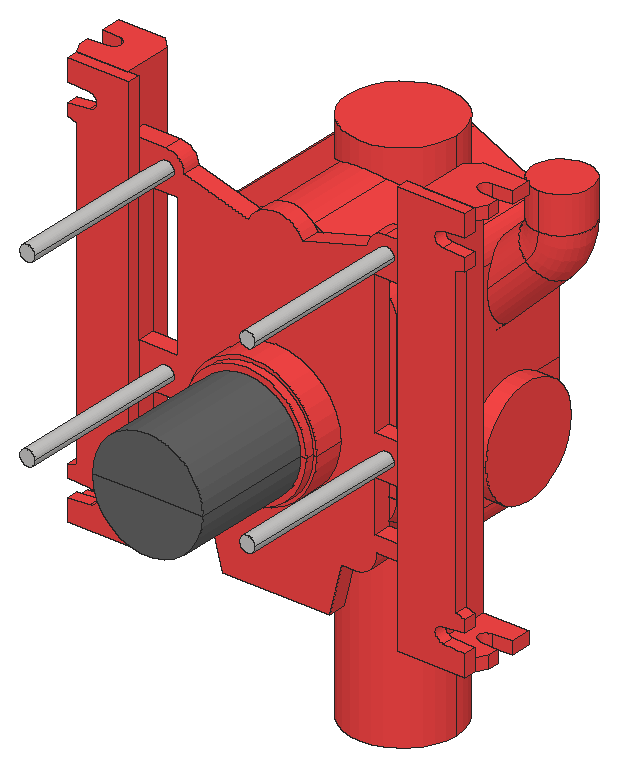
Revit family
Parameters (values of type "Standard Length")
  Vertical Pipe Nominal Radius = 2"
  Vertical Pipe Nominal Diameter = Vertical Pipe Nominal Radius * 2  # 4"
  Vent Nominal Radius = 1"
  Vent Nominal Diameter = Vent Nominal Radius * 2  # 2"
  Vent Flow = 0 GPM
  URL = "http://tylerpipe.com/"
  Type Comments = ""
  Slope Adjustment = yes
  Side Waste Inlet Standard Radius = 2"
  Side Waste Inlet Standard Diameter = Side Waste Inlet Standard Radius * 2  # 4"
  Rough-In Height [instance] = 0' - 6 1/2"
  Plastic Nipple Material = Plastic - Tyler Pipe - Black
  Plastic Nipple Length = 0' - 5"
  Pipe Material = Metal - Tyler Pipe - Cast Iron
  Operating Weight = 115.00 lbf
  Model = "330-NR"
  Manufacturer = "Tyler Pipe"
  Main Out Flush = 0 GPM
  Main In Flow = 0 GPM
  Horizontal Pipe Outer Radius = 2 3/16"
  Flush Flow 1 = 0 GPM
  Description = "Right-Handed Adjustable Vertical No-Hub Carrier"
  CALC_Slope H = 0' - 0"
  CALC_Outlet Length = 0' - 5 1/8"
  CALC_Main Length = -0' - 10 3/8"
  Bracket Material = Metal - Tyler Pipe - Cast Iron
  Bolt Material = Metal - Tyler Pipe - Stainless Steel
  Bolt Length = 0' - 7 9/128"
  Assembly Code = "D2030100"
Reference planes (in)
  plane 1 "Center (Front/Back)": y = 0
  plane 2: z = 0
  plane 3 "Center (Left/Right)": x = 0
  plane 4 "Rough-In": z = 6.5
  plane 5 "Main Fitting Outlet": z = 4.53516
  plane 6 "Top": z = 17
  plane 7 "Support Foot Left": x = -8.375
  plane 8 "Support Foot Right": x = 8.375
  plane 9 "Carrier Faceplate Front": y = -7
  plane 10 "Faceplate Front": y = -6.5
  plane 11: x = -8.125
  plane 12: x = 8.125
  plane 13 "Bolts Left": x = -4.5
  plane 14 "Bolts Right": x = 4.5
  plane 15 "Bolts Front": y = -13.57031
  plane 16 "Main Fitting Inlet": z = 4.53516
  plane 17 "O": x = -1.5
  plane 18 "Outlet": x = 5.125
  plane 19 "Vent": x = 4
  plane 20 "V": z = 11.50528
  plane 21 "Bottom Side Inlet Geometry": z = 2.34777
  plane 22: z = 16.5
  plane 23: z = 0.5
  plane 24: x = -6.49997
  plane 25: x = 6.51229
  plane 26: z = 6.5
  plane 27: z = 6.5
  plane 28 "Bolts Front Back": y = -5.48803
  plane 29 "Side Inlet Front": y = -13.06327
  plane 30: y = -8.06327
  plane 31 "Inlet": x = -5.25
  plane 32 "Vent Height": z = 14.81483
  plane 33 "Back Support": y = 2.5
  plane 34 "Vent Horizontal": x = 6.49997
Forms (in)
  Extrusion 1, solid, material "Metal - Tyler Pipe - Cast Iron" <- "Pipe Material", detail levels medium+fine
    sketch origin (5.125, 0, 4.53516) x (0, -1, 0) y (0, 0, -1)
      loop
        circle (0, 0) r 2.1875
    from 0 to -10.375 <- "CALC_Main Length"
  Extrusion 2, solid, material "Metal - Tyler Pipe - Cast Iron" <- "Bracket Material", detail levels fine
    sketch origin (0, -7, 0) x (-1, 0, 0) y (0, 0, -1)
      loop
        line (8.12501, 0) -> (5.62497, 0) -> (5.62497, -16.99997) -> (8.12501, -16.99997) -> (8.12501, -16.11913) -> (7.22821, -16.05642)
        arc (7.22821, -16.05642) -> (6.91647, -15.74468) -> (7.22821, -15.43294) r 0.31174
        line (7.22821, -15.43294) -> (8.12498, -15.37024) -> (8.12498, -14.86967) -> (7.75, -14.7692) -> (7.75, -2.22548) -> (8.12498, -2.12501) -> (8.12498, -1.62445) -> (7.22821, -1.56174)
        arc (7.22821, -1.56174) -> (6.91647, -1.25) -> (7.22821, -0.93826) r 0.31174
        line (7.22821, -0.93826) -> (8.12501, -0.87555) -> (8.12501, 0)
      loop
        line (-5.37497, -16.99997) -> (-5.37497, 0) -> (-8.12501, 0) -> (-8.12501, -0.87555) -> (-7.22821, -0.93826)
        arc (-7.22821, -0.93826) -> (-6.91647, -1.25) -> (-7.22821, -1.56174) r 0.31174
        line (-7.22821, -1.56174) -> (-8.12498, -1.62445) -> (-8.12498, -2.12501) -> (-7.75, -2.22548) -> (-7.75, -14.7692) -> (-8.12498, -14.86967) -> (-8.12498, -15.37024) -> (-7.22821, -15.43294)
        arc (-7.22821, -15.43294) -> (-6.91647, -15.74468) -> (-7.22821, -16.05642) r 0.31174
        line (-7.22821, -16.05642) -> (-8.12501, -16.11913) -> (-8.12501, -16.99997) -> (-5.37497, -16.99997)
    from 0 to -0.5
  Extrusion 3, solid, material "Metal - Tyler Pipe - Cast Iron" <- "Bracket Material", detail levels fine
    sketch origin (0, 0, 0) x (1, 0, 0) y (0, 1, 0)
      loop
        line (-8.37498, -6.0625) -> (-8.12501, -6.5) -> (-6.06247, -6.5) -> (-6.06247, -4.5) -> (-6.49997, -4.0625) -> (-8.37498, -4.0625) -> (-8.37498, -4.875) -> (-7.59946, -4.93854)
        arc (-7.59946, -4.93854) -> (-7.288, -5.25) -> (-7.59946, -5.56146) r 0.31146
        line (-7.59946, -5.56146) -> (-8.37498, -5.625) -> (-8.37498, -6.0625)
      loop
        line (6.06247, -4.5) -> (6.06247, -6.5) -> (8.12501, -6.5) -> (8.37498, -6.0625) -> (8.37498, -5.625) -> (7.59946, -5.56146)
        arc (7.59946, -5.56146) -> (7.288, -5.25) -> (7.59946, -4.93854) r 0.31146
        line (7.59946, -4.93854) -> (8.37498, -4.875) -> (8.37498, -4.0625) -> (6.49997, -4.0625) -> (6.06247, -4.5)
    from 0 to 17
  Extrusion 4, void
    sketch origin (0, 7, 0) x (-1, 0, 0) y (0, 0, 1)
      loop
        line (9.12254, 16.5) -> (6.49997, 16.5) -> (6.49997, 0.5) -> (9.12254, 0.5) -> (9.12254, 16.5)
      loop
        line (-9.26801, 16.5) -> (-9.26801, 0.5) -> (-6.51229, 0.5) -> (-6.51229, 16.5) -> (-9.26801, 16.5)
    from -13.5 to 0.5
  Extrusion 5, solid, material "Metal - Tyler Pipe - Cast Iron" <- "Bracket Material", detail levels fine
    sketch origin (0, -6.5, 0) x (-1, 0, 0) y (0, 0, -1)
      loop
        line (5.62497, -13.125) -> (5.62497, -7.3125) -> (4.03125, -7.3125) -> (4.03125, -13.125) -> (5.62497, -13.125)
      loop
        line (6.06247, -14.75) -> (6.06247, -2.9375) -> (4.13677, -2.9375)
        arc (4.13677, -2.9375) -> (3.90415, -2.27848) -> (3.26316, -2) r 0.875
        line (3.26316, -2) -> (2.685, -2) -> (2.18492, 0) -> (-2.18492, 0) -> (-2.685, -2) -> (-3.26316, -2)
        arc (-3.26316, -2) -> (-3.90415, -2.27848) -> (-4.13677, -2.9375) r 0.875
        line (-4.13677, -2.9375) -> (-6.06247, -2.9375) -> (-6.06247, -14.75) -> (-4.5, -14.75)
        arc (-4.5, -14.75) -> (-3.98825, -14.54828) -> (-3.75178, -14.05163) r 0.75
        line (-3.75178, -14.05163) -> (-1.11315, -13.31868)
        arc (-1.11315, -13.31868) -> (0, -14) -> (1.11315, -13.31868) r 1.25
        line (1.11315, -13.31868) -> (3.75178, -14.05163)
        arc (3.75178, -14.05163) -> (3.98825, -14.54828) -> (4.5, -14.75) r 0.75
        line (4.5, -14.75) -> (6.06247, -14.75)
      loop
        line (5.62497, -3.5625) -> (4.03125, -3.5625) -> (4.03125, -5.6875) -> (5.62497, -5.6875) -> (5.62497, -3.5625)
      loop
        line (-5.37497, -13.125) -> (-4.03125, -13.125) -> (-4.03125, -7.3125) -> (-5.37497, -7.3125) -> (-5.37497, -13.125)
      loop
        line (-5.37497, -3.5625) -> (-5.37497, -5.6875) -> (-4.03125, -5.6875) -> (-4.03125, -3.5625) -> (-5.37497, -3.5625)
    from 0 to -0.75
  Revolve 6, solid, material "Metal - Tyler Pipe - Cast Iron" <- "Pipe Material", detail levels fine
    sketch origin (0, 0, 6.5) x (-1, 0, 0) y (0, -1, 0)
      loop
        line (0, 6.5) -> (2.64908, 6.5) -> (2.64908, 7.71875) -> (2.5, 7.71875) -> (2.5, 8.06327) -> (0, 8.06327) -> (0, 6.5)
      axis (0, 6.5) -> (0, 8.06327)
    angle from 0 to 360
  Extrusion 7, solid, material "Metal - Tyler Pipe - Stainless Steel" <- "Bolt Material", detail levels fine
    sketch origin (0, -6.5, 0) x (-1, 0, 0) y (0, 0, -1)
      loop
        circle (4.5, -14) r 0.3125
      loop
        circle (4.5, -6.5) r 0.3125
      loop
        circle (-4.5, -14) r 0.3125
      loop
        circle (-4.5, -6.5) r 0.3125
    from 7.07031 to -1.01197
  Revolve 8, solid, material "Plastic - Tyler Pipe - Black" <- "Plastic Nipple Material", detail levels medium+fine
    sketch origin (0, 0, 6.5) x (-1, 0, 0) y (0, -1, 0)
      loop
        line (0, 5.75) -> (0, 13.06327) -> (-2.25, 13.06327) -> (-2.25, 5.75) -> (0, 5.75)
      axis (0, 5.75) -> (0, 13.06327)
    angle from 0 to 360
  Extrusion 9, solid, material "Metal - Tyler Pipe - Cast Iron" <- "Bracket Material", detail levels medium
    sketch origin (0, 0, 4.53516) x (-1, 0, 0) y (0, -1, 0)
      loop
        line (8.375, 7) -> (-8.375, 7) -> (-8.375, 4.0625) -> (8.375, 4.0625) -> (8.375, 7)
    from 12.46484 to -4.53516
  Extrusion 10, solid, material "Metal - Tyler Pipe - Cast Iron" <- "Pipe Material", detail levels fine
    sketch origin (0, -6.5, 0) x (-1, 0, 0) y (0, 0, -1)
      loop
        arc (3.73213, -12.19032) -> (4.18796, -11.78436) -> (4.36056, -11.19888) r 1.11114
        line (4.36056, -11.19888) -> (4.36056, -6.24706) -> (-4.36056, -6.24706) -> (-4.36056, -11.19888)
        arc (-4.36056, -11.19888) -> (-4.18796, -11.78436) -> (-3.73213, -12.19032) r 1.11114
        line (-3.73213, -12.19032) -> (-0.93697, -13.53835)
        arc (-0.93697, -13.53835) -> (0, -13.75248) -> (0.93697, -13.53835) r 2.15697
        line (0.93697, -13.53835) -> (3.73213, -12.19032)
    from -0.75 to -9
  Sweep 11, solid, material "Metal - Tyler Pipe - Cast Iron" <- "Pipe Material", detail levels fine
    path origin (0, 0, 0) x (0, 1, 0) y (0, 0, 1)
      loop
        line (-5.75, 5.24184) -> (-1.92239, 2.87906) -> (1.79739, 2.87906) -> (2.5, 3.31278)
    profile origin (0, -3.83619, 4.06045) x (0, 0.525279, 0.85093) y (1, 0, 0)
      loop
        arc (-0.5, 4.36056) -> (-0.92032, 4.27415) -> (-1.27655, 4.03491) r 1.11114
        arc (-1.27655, 4.03491) -> (-1.8423, 2.75045) -> (-2.41142, 1.46748) r 534.00949
        arc (-2.41142, 1.46748) -> (-2.48755, 1.28006) -> (-2.55113, 1.08801) r 3.0625
        line (-2.55113, 1.08801) -> (-2.55113, -1.08801)
        arc (-2.55113, -1.08801) -> (-2.48755, -1.28006) -> (-2.41142, -1.46748) r 3.0625
        arc (-2.41142, -1.46748) -> (-1.8423, -2.75045) -> (-1.27655, -4.03491) r 534.00949
        arc (-1.27655, -4.03491) -> (-0.92032, -4.27415) -> (-0.5, -4.36056) r 1.11114
        line (-0.5, -4.36056) -> (-0.5, 4.36056)
  Extrusion 12, void
    sketch origin (0, 0, 0) x (0, 1, 0) y (0, 0, 1)
      loop
        line (-5.75, 8.0625) -> (-10, 8.0625) -> (-10, -0.4375) -> (-5.75, -0.4375) -> (-5.75, 8.0625)
      loop
        line (2.5, 8.0625) -> (2.5, -0.4375) -> (5.48803, -0.4375) -> (5.48803, 8.0625) -> (2.5, 8.0625)
    from 4.5 to -4.5
  Extrusion 13, solid, material "Metal - Tyler Pipe - Cast Iron" <- "Pipe Material", detail levels medium+fine
    sketch origin (0, 0, 0) x (0, 1, 0) y (0, 0, 1)
      loop
        line (-5.75, 6.24706) -> (-5.75, 4.65425) -> (-2.06428, 2.37906) -> (1.93928, 2.37906) -> (2.5, 2.72519) -> (2.5, 6.24706) -> (-5.75, 6.24706)
    from 4.36056 to -4.36056
  Extrusion 14, solid, material "Metal - Tyler Pipe - Cast Iron" <- "Pipe Material", detail levels medium+fine
    sketch origin (0, 0, 4.53516) x (-1, 0, 0) y (0, -1, 0)
      loop
        circle (0, 0) r 2.1875
    from 10.1703 to -11.82555
  Extrusion 15, solid, material "Metal - Tyler Pipe - Cast Iron" <- "Bracket Material", detail levels fine
    sketch origin (0, 0, 4.53516) x (-1, 0, 0) y (0, -1, 0)
      loop
        line (1.38386, -2.12456) -> (-1.38386, -2.12456) -> (-0.95031, -3.75) -> (-0.3125, -3.75) -> (-0.2512, -3.125)
        arc (-0.2512, -3.125) -> (0, -2.8738) -> (0.2512, -3.125) r 0.2512
        line (0.2512, -3.125) -> (0.3125, -3.75) -> (0.95031, -3.75) -> (1.38386, -2.12456)
    from 0.25 to -0.25
  Extrusion 16, solid, material "Metal - Tyler Pipe - Cast Iron" <- "Bracket Material", detail levels fine
    sketch origin (0, 0, 0) x (1, 0, 0) y (0, 1, 0)
      loop
        arc (-1.28125, 3.59375) -> (0, 2.3125) -> (1.28125, 3.59375) r 1.28125
        line (1.28125, 3.59375) -> (1.28125, 5.125) -> (0.375, 5.125) -> (0.31146, 4.34948)
        arc (0.31146, 4.34948) -> (0, 4.03802) -> (-0.31146, 4.34948) r 0.31146
        line (-0.31146, 4.34948) -> (-0.375, 5.125) -> (-1.28125, 5.125) -> (-1.28125, 3.59375)
    from 0 to 0.5
  Revolve 17, solid, material "Metal - Tyler Pipe - Stainless Steel" <- "Bolt Material", detail levels fine
    sketch origin (0, 0, 0) x (0, 1, 0) y (0, 0, 1)
      loop
        line (3.17826, 0.5) -> (3.17826, 5.6912) -> (2.9994, 5.6912) -> (2.9994, 0.5) -> (3.17826, 0.5)
      axis (2.9994, 5.6912) -> (2.9994, 0.5)
    angle from 0 to 360
  Sweep 18, solid, material "Metal - Tyler Pipe - Cast Iron" <- "Pipe Material", detail levels medium+fine
    path origin (0, 0, 0) x (-1, 0, 0) y (0, 0, 1)
      loop
        line (-6.4992, 14.70546) -> (-6.4992, 13.19483)
        arc (-6.4992, 13.19483) -> (-6.36339, 12.51204) -> (-5.97662, 11.9332) r 1.78422
        line (-5.97662, 11.9332) -> (-1.02687, 6.98345)
    profile origin (6.4992, 0, 13.95014) x (0, -1, 0) y (1, 0, 0)
      loop
        circle (0, 0) r 1.17578
Cuts and joins
  Extrusion 4 cuts Extrusion 3
  Extrusion 12 cuts Sweep 11
Lines and regions (in)
  reference lines, not visible
    curve 1: line (-5.25, 0, 4.53516) -> (5.125, 0, 4.53516)
  model lines, detail levels coarse
    curve 2: line (0, 0, 6.5) -> (0, -13.06327, 6.5)
    curve 3: line (0, 0, 14.70546) -> (0, 0, -7.2904)
    curve 4: line (6.49997, 0, 14.81483) -> (6.49997, 0, 13.56508)
    curve 5: line (6.49997, 0, 13.56508) -> (0, 0, 11.50528)
    curve 6: line (0, 0, 4.53516) -> (5.125, 0, 4.53516)
Dimensions and locks (in)
  "Rough-In Height": plane 4 "Rough-In" to plane 2
  equal spacing: plane 8 "Support Foot Right", plane 3 "Center (Left/Right)", plane 7 "Support Foot Left"
  locked: plane 6 "Top" to plane 2 at 17
  plane 1 "Center (Front/Back)" to plane 9 "Carrier Faceplate Front" = 0' - 7"
  locked: plane 9 "Carrier Faceplate Front" to plane 10 "Faceplate Front" at 0.5
  locked: plane 11 to plane 7 "Support Foot Left" at 0.25
  locked: plane 12 to plane 8 "Support Foot Right" at 0.25
  plane 15 "Bolts Front" to plane 1 "Center (Front/Back)" = 1' - 1 73/128"
  "Bolt Length": plane 15 "Bolts Front" to plane 10 "Faceplate Front"
  equal spacing: plane 13 "Bolts Left", plane 3 "Center (Left/Right)", plane 14 "Bolts Right"
  locked: plane 13 "Bolts Left" to plane 14 "Bolts Right" at 9
  plane 17 "O" to plane 3 "Center (Left/Right)" = 0' - 1 1/2"
  "CALC_Outlet Length": plane 3 "Center (Left/Right)" to plane 18 "Outlet"
  "CALC_Slope H": plane 16 "Main Fitting Inlet" to plane 5 "Main Fitting Outlet"
  locked: plane 3 "Center (Left/Right)" to plane 19 "Vent" at 4
  locked: plane 16 "Main Fitting Inlet" to plane 21 "Bottom Side Inlet Geometry" at 2.18738
  locked: plane 6 "Top" to plane 22 at 0.5
  locked: plane 23 to level at 0.5
  locked: plane 20 "V" to plane 5 "Main Fitting Outlet" at 6.97012
  locked: Extrusion 5 sketch curve to plane 26 at 8.25  (x2)
  locked: plane 26 to Extrusion 5 sketch curve at 3.5625  (x2)
  locked: Extrusion 5 sketch curve to plane 26 at 6.625  (x2)
  locked: plane 26 to Extrusion 5 sketch curve at 2.9375  (x2)
  locked: plane 26 to Extrusion 5 sketch curve at 6.5
  locked: Extrusion 7 sketch curve to plane 27 at 7.5  (x2)
  locked: Extrusion 5 sketch curve to plane 26 at 0.8125  (x2)
  locked: plane 26 to Extrusion 5 sketch curve at 0.8125  (x2)
  locked: plane 10 "Faceplate Front" to plane 28 "Bolts Front Back" at 1.01197
  locked: plane 30 to plane 9 "Carrier Faceplate Front" at 1.06327
  "Plastic Nipple Length": plane 29 "Side Inlet Front" to plane 30
  locked: plane 9 "Carrier Faceplate Front" to Extrusion 9 sketch curve at 2.9375
  locked: Extrusion 5 sketch curve to plane 26 at 6.25
  locked: plane 26 to Extrusion 5 sketch curve at 3.625  (x2)
  locked: Extrusion 5 sketch curve to plane 26 at 6.81868  (x2)
  locked: Extrusion 10 sketch curve to plane 5 "Main Fitting Outlet" at 1.7119
  locked: Extrusion 10 sketch curve to plane 5 "Main Fitting Outlet" at 6.66372  (x2)
  locked: Extrusion 10 sketch curve to plane 5 "Main Fitting Outlet" at 7.65516  (x2)
  locked: Extrusion 10 sketch curve to plane 5 "Main Fitting Outlet" at 9.00319  (x2)
  locked: plane 16 "Main Fitting Inlet" to level at 4.53516
  locked: Sweep 11 sketch curve to plane 16 "Main Fitting Inlet" at 0.70668
  locked: plane 16 "Main Fitting Inlet" to Sweep 11 sketch curve at 1.6561  (x2)
  plane 16 "Main Fitting Inlet" to Sweep 11 sketch curve = 0' - 1.22238"
  locked: Extrusion 12 sketch curve to plane 16 "Main Fitting Inlet" at 3.52734  (x2)
  locked: Extrusion 12 sketch curve to Extrusion 12 sketch curve at 8.5  (x2)
  locked: Extrusion 14 to Extrusion 14 at 21.99585
  locked: plane 18 "Outlet" to plane 31 "Inlet" at 10.375
  locked: plane 32 "Vent Height" to plane 5 "Main Fitting Outlet" at 10.27967
  locked: plane 10 "Faceplate Front" to plane 33 "Back Support" at 9
  locked: plane 1 "Center (Front/Back)" to Revolve 17 sketch curve at 2.9994
  locked: Revolve 17 sketch curve to plane 16 "Main Fitting Inlet" at 1.15604
  locked: Sweep 18 sketch curve to plane 16 "Main Fitting Inlet" at 2.44829
  locked: Sweep 18 sketch curve to plane 16 "Main Fitting Inlet" at 7.39804
  locked: Sweep 18 sketch curve to plane 16 "Main Fitting Inlet" at 8.65967  (x2)
  locked: Sweep 18 sketch curve to plane 16 "Main Fitting Inlet" at 10.1703
  locked: Sweep 18 sketch curve to plane 34 "Vent Horizontal" at 1.78499
  locked: Extrusion 2 sketch curve to level at 15.74468  (x2)
  locked: Extrusion 2 sketch curve to level at 15.37024  (x2)
  locked: Extrusion 2 sketch curve to level at 16.11913  (x2)
  locked: Extrusion 2 sketch curve to level at 14.86967  (x2)
  locked: Extrusion 2 sketch curve to level at 14.7692  (x2)
  locked: Extrusion 2 sketch curve to level at 1.62445  (x2)
  locked: Extrusion 2 sketch curve to level at 0.87555  (x2)
  locked: Extrusion 2 sketch curve to level at 2.12501  (x2)
  locked: Extrusion 2 sketch curve to level at 2.22548  (x2)
  locked: plane 26 to Extrusion 5 sketch curve at 4.5  (x2)
  "Horizontal Pipe Outer Radius": radius of Extrusion 1 sketch curve
  radius of Extrusion 14 sketch curve = 0' - 2 3/16"
  radius of Sweep 18 sketch curve = 0' - 1 45/256"
  aligned and locked: level to plane 2
  aligned and locked: plane 18 "Outlet" to curve 1
  aligned: curve 1 to Extrusion 1  (x4)
  aligned and locked: Extrusion 2 to plane 10 "Faceplate Front"
  aligned and locked: plane 9 "Carrier Faceplate Front" to Extrusion 2
  aligned and locked: plane 6 "Top" to Extrusion 3
  aligned and locked: Extrusion 3 to level
  aligned and locked: plane 4 "Rough-In" to plane 26
  aligned and locked: Revolve 6 sketch curve to plane 3 "Center (Left/Right)"
  aligned and locked: plane 4 "Rough-In" to plane 27
  aligned and locked: plane 27 to Extrusion 7 sketch curve
  aligned and locked: Extrusion 7 sketch curve to plane 27
  aligned and locked: Extrusion 7 to plane 15 "Bolts Front"
  aligned and locked: plane 28 "Bolts Front Back" to Extrusion 7
  aligned and locked: plane 29 "Side Inlet Front" to Revolve 8 sketch curve
  aligned and locked: Revolve 8 sketch curve to plane 3 "Center (Left/Right)"
  aligned and locked: Revolve 8 sketch curve to Extrusion 5
  aligned and locked: Extrusion 9 sketch curve to plane 8 "Support Foot Right"
  aligned and locked: Extrusion 9 sketch curve to plane 7 "Support Foot Left"
  aligned and locked: plane 9 "Carrier Faceplate Front" to Extrusion 9 sketch curve
  aligned and locked: plane 6 "Top" to Extrusion 9
  aligned and locked: Extrusion 9 to level
  aligned and locked: Extrusion 10 to Extrusion 5
  aligned and locked: Extrusion 13 sketch curve to Extrusion 10
  aligned and locked: plane 3 "Center (Left/Right)" to Extrusion 14 sketch curve
  aligned and locked: plane 1 "Center (Front/Back)" to Extrusion 14 sketch curve
  aligned and locked: plane 29 "Side Inlet Front" to curve 2
  aligned and locked: curve 2 to plane 3 "Center (Left/Right)"
  aligned and locked: Extrusion 14 to curve 3  (x2)
  aligned and locked: curve 3 to plane 3 "Center (Left/Right)"
  aligned and locked: plane 33 "Back Support" to Extrusion 10
  aligned and locked: plane 33 "Back Support" to Sweep 11 sketch curve
  aligned and locked: Extrusion 12 sketch curve to plane 33 "Back Support"
  aligned and locked: Revolve 17 sketch curve to Revolve 17 sketch curve
  aligned and locked: plane 23 to Revolve 17 sketch curve
  aligned and locked: plane 3 "Center (Left/Right)" to curve 5
  aligned and locked: plane 20 "V" to curve 5
  aligned and locked: plane 34 "Vent Horizontal" to curve 4
  aligned and locked: plane 32 "Vent Height" to curve 4
  aligned and locked: plane 16 "Main Fitting Inlet" to curve 1
  aligned and locked: plane 5 "Main Fitting Outlet" to curve 1
  aligned and locked: plane 31 "Inlet" to curve 1
  aligned and locked: plane 18 "Outlet" to curve 6
  aligned and locked: plane 3 "Center (Left/Right)" to curve 6
Automatic sketch dimensions
  Extrusion 1 sketch curve to plane 1 "Center (Front/Back)" = 0' - 0"
  Extrusion 4 sketch curve to plane 23 = 0' - 0"  (x2)
  Extrusion 4 sketch curve to plane 22 = 0' - 0"  (x2)
  Extrusion 4 sketch curve to plane 25 = 0' - 0"
  Extrusion 4 sketch curve to plane 24 = 0' - 0"
  Extrusion 4 sketch curve to plane 8 "Support Foot Right" = 0' - 0.89301"
  Extrusion 4 sketch curve to plane 7 "Support Foot Left" = 0' - 0.74754"
  plane 14 "Bolts Right" to Extrusion 5 sketch curve = 0' - 0"
  Extrusion 5 sketch curve to plane 3 "Center (Left/Right)" = 0' - 0"
  Extrusion 5 sketch curve to plane 13 "Bolts Left" = 0' - 0"
  Extrusion 5 sketch curve to plane 18 "Outlet" = 0' - 0.24997"  (x2)
  Extrusion 5 sketch curve to plane 34 "Vent Horizontal" = 0' - 0 7/16"
  Extrusion 5 sketch curve to plane 19 "Vent" = 0' - 0.13677"
  Extrusion 5 sketch curve to plane 19 "Vent" = 0' - 0 1/32"  (x2)
  plane 19 "Vent" to Extrusion 5 sketch curve = 0' - 0.24822"
  plane 19 "Vent" to Extrusion 5 sketch curve = 0' - 0.736"
  Extrusion 5 sketch curve to Extrusion 5 sketch curve = 0' - 0.57816"  (x2)
  plane 19 "Vent" to Extrusion 5 sketch curve = 0' - 1.81508"
  Extrusion 5 sketch curve to plane 3 "Center (Left/Right)" = 0' - 1.11315"
  plane 17 "O" to Extrusion 5 sketch curve = 0' - 0.68492"
  plane 17 "O" to Extrusion 5 sketch curve = 0' - 1.185"
  Extrusion 5 sketch curve to Extrusion 5 sketch curve = 0' - 0.00084"
  Extrusion 5 sketch curve to plane 13 "Bolts Left" = 0' - 0.74822"
  Extrusion 5 sketch curve to plane 13 "Bolts Left" = 0' - 0 15/32"  (x2)
  plane 31 "Inlet" to Extrusion 5 sketch curve = 0' - 0.37497"  (x2)
  Extrusion 5 sketch curve to plane 24 = 0' - 0 7/16"
  Extrusion 5 sketch curve to Extrusion 5 sketch curve = 0' - 0 3/4"  (x2)
  plane 14 "Bolts Right" to Extrusion 7 sketch curve = 0' - 0"  (x2)
  Extrusion 7 sketch curve to plane 13 "Bolts Left" = 0' - 0"  (x2)
  Extrusion 10 sketch curve to plane 3 "Center (Left/Right)" = 0' - 0"
  Extrusion 10 sketch curve to plane 3 "Center (Left/Right)" = 0' - 0.93697"
  plane 20 "V" to Extrusion 10 sketch curve = 0' - 0.31578"  (x2)
  plane 19 "Vent" to Extrusion 10 sketch curve = 0' - 0.75054"
  plane 19 "Vent" to Extrusion 10 sketch curve = 0' - 0.26787"
  Extrusion 10 sketch curve to plane 13 "Bolts Left" = 0' - 1.25054"
  Extrusion 10 sketch curve to plane 13 "Bolts Left" = 0' - 0.76787"
  Extrusion 10 sketch curve to plane 20 "V" = 0' - 0.09024"
  Sweep 18 sketch curve to plane 34 "Vent Horizontal" = 0' - 0.00077"
  Sweep 18 sketch curve to plane 3 "Center (Left/Right)" = 0' - 1.02687"
  plane 1 "Center (Front/Back)" to Sweep 18 sketch curve = 0' - 0"
  Sweep 18 sketch curve to profile plane = 0' - 0"
  curve 5 to plane 32 "Vent Height" = 0' - 1.24976"
  Extrusion 2 sketch curve to level = 0' - 0"  (x2)
  plane 12 to Extrusion 2 sketch curve = 0' - 0"  (x2)
  Extrusion 2 sketch curve to plane 12 = 0' - 0"  (x2)
  Extrusion 2 sketch curve to plane 12 = 0' - 0 3/8"
  Extrusion 2 sketch curve to plane 25 = 0' - 0.71591"  (x2)
  plane 6 "Top" to Extrusion 2 sketch curve = 0' - 0.00003"  (x2)
  Extrusion 2 sketch curve to plane 18 "Outlet" = 0' - 0.24997"
  plane 31 "Inlet" to Extrusion 2 sketch curve = 0' - 0.37497"
  plane 24 to Extrusion 2 sketch curve = 0' - 0.72823"  (x2)
  Extrusion 2 sketch curve to plane 23 = 0' - 0.43826"  (x2)
  Extrusion 2 sketch curve to plane 11 = 0' - 0 3/8"
  Extrusion 2 sketch curve to plane 11 = 0' - 0"  (x2)
  plane 11 to Extrusion 2 sketch curve = 0' - 0"  (x2)
  Extrusion 2 sketch curve to Extrusion 2 sketch curve = 0' - 0.31174"  (x4)
  plane 10 "Faceplate Front" to Extrusion 3 sketch curve = 0' - 0"  (x2)
  Extrusion 3 sketch curve to plane 24 = 0' - 0"
  Extrusion 3 sketch curve to plane 34 "Vent Horizontal" = 0' - 0"
  plane 11 to Extrusion 3 sketch curve = 0' - 0.52554"
  Extrusion 3 sketch curve to plane 11 = 0' - 0"
  plane 7 "Support Foot Left" to Extrusion 3 sketch curve = 0' - 0.00002"  (x2)
  plane 24 to Extrusion 3 sketch curve = 0' - 0 7/16"
  plane 34 "Vent Horizontal" to Extrusion 3 sketch curve = 0' - 0 7/16"
  plane 12 to Extrusion 3 sketch curve = 0' - 0.52554"
  Extrusion 3 sketch curve to plane 12 = 0' - 0"
  plane 8 "Support Foot Right" to Extrusion 3 sketch curve = 0' - 0.00002"  (x2)
  Extrusion 3 sketch curve to plane 10 "Faceplate Front" = 0' - 0 7/16"  (x2)
  Extrusion 3 sketch curve to plane 28 "Bolts Front Back" = 0' - 0.13697"  (x2)
  Extrusion 3 sketch curve to plane 28 "Bolts Front Back" = 0' - 0.07343"  (x2)
  plane 28 "Bolts Front Back" to Extrusion 3 sketch curve = 0' - 0.23803"  (x2)
  plane 28 "Bolts Front Back" to Extrusion 3 sketch curve = 0' - 0.61303"  (x2)
  plane 28 "Bolts Front Back" to Extrusion 3 sketch curve = 0' - 0.98803"  (x2)
  Extrusion 3 sketch curve to Extrusion 3 sketch curve = 0' - 0 7/16"
  Extrusion 3 sketch curve to Extrusion 3 sketch curve = 0' - 0 13/16"
  Revolve 6 sketch curve to plane 3 "Center (Left/Right)" = 0' - 0"
  plane 30 to Revolve 6 sketch curve = 0' - 0"
  plane 10 "Faceplate Front" to Revolve 6 sketch curve = 0' - 0"
  Revolve 6 sketch curve to plane 17 "O" = 0' - 1"
  Revolve 6 sketch curve to plane 17 "O" = 0' - 1.14908"
  Revolve 6 sketch curve to plane 30 = 0' - 0.34452"
  Revolve 6 sketch curve to Revolve 6 sketch curve = 0' - 1.37346"
  Revolve 8 sketch curve to plane 3 "Center (Left/Right)" = 0' - 0"
  Revolve 8 sketch curve to plane 19 "Vent" = 0' - 1 3/4"
  plane 15 "Bolts Front" to Revolve 8 sketch curve = 0' - 0.05528"
  Sweep 11 sketch curve to plane 33 "Back Support" = 0' - 0.70261"
  plane 1 "Center (Front/Back)" to Sweep 11 sketch curve = 0' - 1.92239"
  Sweep 11 sketch curve to plane 28 "Bolts Front Back" = 0' - 0.26197"
  profile plane to Sweep 11 sketch curve = 40' - 10.26389"
  Sweep 11 sketch curve to Sweep 11 sketch curve = 0' - 0"  (x3)
  plane 3 "Center (Left/Right)" to Sweep 11 sketch curve = 0' - 1.08801"
  profile plane to Sweep 11 sketch curve = 0' - 2.55113"
  Sweep 11 sketch curve to Sweep 11 sketch curve = 0' - 0.13971"  (x2)
  profile plane to Sweep 11 sketch curve = 0' - 1.27655"  (x2)
  profile plane to Sweep 11 sketch curve = 0' - 0 1/2"
  profile plane to Sweep 11 sketch curve = 0' - 0.49061"  (x2)
  plane 3 "Center (Left/Right)" to Sweep 11 sketch curve = 0' - 0.22199"
  Sweep 11 sketch curve to profile plane = 0' - 0.38637"  (x2)
  Sweep 11 sketch curve to plane 3 "Center (Left/Right)" = 0' - 0.22199"
  Sweep 11 sketch curve to plane 3 "Center (Left/Right)" = 0' - 1.08801"
  Sweep 11 sketch curve to Sweep 11 sketch curve = 0' - 0.78545"  (x2)
  Extrusion 12 sketch curve to plane 28 "Bolts Front Back" = 0' - 0.26197"
  plane 30 to Extrusion 12 sketch curve = 0' - 1.93673"
  Extrusion 13 sketch curve to plane 33 "Back Support" = 0' - 0"
  Extrusion 13 sketch curve to plane 21 "Bottom Side Inlet Geometry" = 0' - 0.03128"
  Extrusion 13 sketch curve to plane 33 "Back Support" = 0' - 0.56072"
  plane 1 "Center (Front/Back)" to Extrusion 13 sketch curve = 0' - 2.06428"
  Extrusion 13 sketch curve to plane 28 "Bolts Front Back" = 0' - 0.26197"
  Extrusion 13 sketch curve to plane 21 "Bottom Side Inlet Geometry" = 0' - 0.37741"
  plane 16 "Main Fitting Inlet" to Extrusion 13 sketch curve = 0' - 0.11909"
  Extrusion 15 sketch curve to plane 3 "Center (Left/Right)" = 0' - 0"
  Extrusion 15 sketch curve to Extrusion 15 sketch curve = 0' - 0.2512"
  plane 3 "Center (Left/Right)" to Extrusion 15 sketch curve = 0' - 0 5/16"
  Extrusion 15 sketch curve to Extrusion 15 sketch curve = 0' - 0.63781"
  Extrusion 15 sketch curve to plane 33 "Back Support" = 0' - 0.37544"
  plane 3 "Center (Left/Right)" to Extrusion 15 sketch curve = 0' - 1.38386"
  Extrusion 15 sketch curve to plane 3 "Center (Left/Right)" = 0' - 0 5/16"
  plane 17 "O" to Extrusion 15 sketch curve = 0' - 0.54969"
  plane 17 "O" to Extrusion 15 sketch curve = 0' - 0.11614"
  plane 33 "Back Support" to Extrusion 15 sketch curve = 0' - 0 5/8"
  Extrusion 15 sketch curve to Extrusion 15 sketch curve = 0' - 0 5/8"  (x2)
  Extrusion 16 sketch curve to plane 3 "Center (Left/Right)" = 0' - 0"  (x2)
  Extrusion 16 sketch curve to plane 3 "Center (Left/Right)" = 0' - 0.31146"
  Extrusion 16 sketch curve to plane 3 "Center (Left/Right)" = 0' - 0 3/8"
  plane 17 "O" to Extrusion 16 sketch curve = 0' - 0 7/32"
  plane 3 "Center (Left/Right)" to Extrusion 16 sketch curve = 0' - 0 3/8"
  plane 33 "Back Support" to Extrusion 16 sketch curve = 0' - 1 3/32"
  Extrusion 16 sketch curve to Extrusion 16 sketch curve = 0' - 0.75573"
  Revolve 17 sketch curve to Revolve 17 sketch curve = 0' - 0.17886"
  Revolve 17 sketch curve to level = 0' - 0.3088"
  Revolve 17 sketch curve to Revolve 17 sketch curve = 0' - 0"
  plane 1 "Center (Front/Back)" to curve 2 = 0' - 0"
  curve 6 to curve 1 = 0' - 0"
  Extrusion 16 sketch curve to Extrusion 16 sketch curve = 0' - 0.77552"
  Extrusion 16 sketch curve to Extrusion 16 sketch curve = 0' - 0"
  Extrusion 12 sketch curve to Extrusion 12 sketch curve = 0' - 2.98803"
  plane 33 "Back Support" to Revolve 6 sketch curve = 0' - 7.56327"
  plane 33 "Back Support" to Revolve 8 sketch curve = 0' - 11.64912"
  Extrusion 1 sketch curve to plane 5 "Main Fitting Outlet" = 0' - 0"
  radius of Extrusion 7 sketch curve = 0' - 0 5/16"  (x4)
Connectors (in)
  piping at (0, -13.06327, 6.5), driven by "Flush Flow 1", driven by "Side Waste Inlet Standard Radius", driven by "Slope Adjustment"
    settings: on Revolve 8, index 4, connector radius 2", flow factor 0, pipe flow 0 GPM, pressure drop 0.00 psi, fitting loss kfactor 0, connector angle 0.00°, fixture units 0, flow configuration 0, flow direction 1, fitting loss method 0, system type 16, connector reference index -1, connector utility 0, adjustable connector yes, is connector primary no, fitting loss table "", connector description "Sanitary Inlet"
  piping at (0, 0, 14.70546), driven by "Main In Flow", driven by "Vertical Pipe Nominal Radius"
    settings: on Extrusion 14, index 6, connector radius 2", flow factor 0, pipe flow 0 GPM, pressure drop 0.00 psi, fitting loss kfactor 0, connector angle 0.00°, fixture units 0, flow configuration 0, flow direction 1, fitting loss method 0, system type 16, connector reference index 7, connector utility 0, adjustable connector no, is connector primary no, fitting loss table "", connector description "Sanitary Inlet"
  piping at (0, 0, -7.2904), driven by "Main Out Flush", driven by "Vertical Pipe Nominal Radius"
    settings: on Extrusion 14, index 7, connector radius 2", flow factor 0, pipe flow 0 GPM, pressure drop 0.00 psi, fitting loss kfactor 0, connector angle 0.00°, fixture units 0, flow configuration 0, flow direction 2, fitting loss method 0, system type 16, connector reference index 6, connector utility 0, adjustable connector no, is connector primary yes, fitting loss table "", connector description "Sanitary Outlet"
